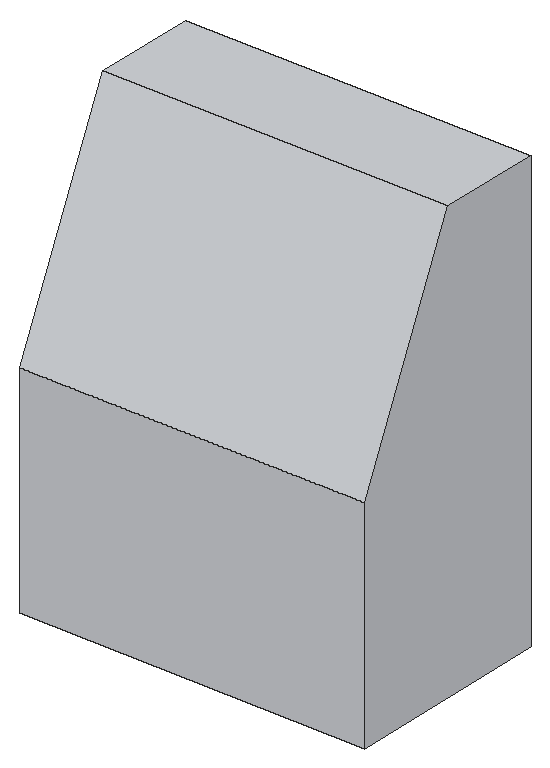
Revit family "01451-W", category Instalační zařizovací předměty, Revit 2016
Family settings
  Typ součásti = Normální
  Kóta kulaté spojky = Použít průměr
  Číslo OmniClass = 23.45.05.00
  Nadpis OmniClass = Sanitary Equipment
  Založené na pracovní rovině = Ne
  Vždy vertikální = Ano
  Ořezat dutým tvarem při načtení = Ne
  Sdílené = Ne
  Bod výpočtu místnosti = Ne
Parameters
  Warranty = "2"
  WIDTH = 253 mm
  WEIGHT = 3.90 kg
  Výrobce = "Nofer"
  Utility frequency = 0
  Surface finish = "White"
  Připojení ventilace = no
  Připojení odpadu = no
  Připojení HW = no
  Připojení CW = no
  Product URL link = "http://www.nofer.co.uk/en/collectives/handryers/bigflow/01451-W"
  Power supply = 0 V
  Power input = 2050 W
  Noise level = 60
  MATERIAL = none
  IP code = "IPX1"
  HEIGHT = 323 mm
  Electric class = "II"
  DEPTH = 152 mm
  Article number = "01451.W"
  Air temperature [°C] = 60 °C
  Air speed = 65.00 kg/m²
Reference planes
  plane 1 "Střed (vpředu/vzadu)": y = 0
  plane 2: z = 0
  plane 3 "Střed (vlevo/vpravo)": x = 0
  plane 4: z = 0
  plane 5: z = 323
  plane 6: y = -152
  plane 7: x = 126.5
  plane 8: x = -126.5
  plane 9: z = 161.5
  plane 10: y = -76
Forms (mm)
  Extrusion 1, solid, material <- "MATERIAL", detail levels medium+fine
    sketch origin (0, 0, 0) x (0, 1, 0) y (0, 0, 1)
      loop
        line (0, 323) -> (-76, 323) -> (-152, 161.5) -> (-152, 0) -> (0, 0) -> (0, 323)
    from -126.5 to 126.5
  Extrusion 2, solid, material <- "MATERIAL", detail levels coarse
    sketch origin (0, 0, 0) x (0, 1, 0) y (0, 0, 1)
      loop
        line (0, 323) -> (-152, 323) -> (-152, 0) -> (0, 0) -> (0, 323)
    from -126.5 to 126.5
Dimensions and locks
  equal spacing: plane 8, plane 3 "Střed (vlevo/vpravo)", plane 7
  "WIDTH": plane 8 to plane 7
  "DEPTH": plane 6 to plane 1 "Střed (vpředu/vzadu)"
  equal spacing: plane 5, plane 9, plane 4
  equal spacing: plane 1 "Střed (vpředu/vzadu)", plane 10, plane 6
  "DEPTH": plane 1 "Střed (vpředu/vzadu)" to plane 6
  "HEIGHT": plane 5 to level
  aligned and locked: level to plane 2
  aligned and locked: plane 5 to Extrusion 1 sketch curve
  aligned and locked: Extrusion 1 sketch curve to plane 1 "Střed (vpředu/vzadu)"
  aligned and locked: Extrusion 1 sketch curve to plane 4
  aligned and locked: Extrusion 1 sketch curve to plane 6
  aligned and locked: plane 10 to Extrusion 1 sketch curve
  aligned and locked: plane 9 to Extrusion 1 sketch curve
  aligned and locked: Extrusion 1 to plane 8
  aligned and locked: plane 7 to Extrusion 1
  aligned and locked: Extrusion 2 to plane 8
  aligned and locked: plane 7 to Extrusion 2
  aligned and locked: Extrusion 2 to level
Automatic sketch dimensions
  Extrusion 2 sketch curve to plane 5 = 0 mm
  Extrusion 2 sketch curve to plane 6 = 0 mm
  Extrusion 2 sketch curve to plane 1 "Střed (vpředu/vzadu)" = 0 mm
  level to Extrusion 2 sketch curve = 0 mm
